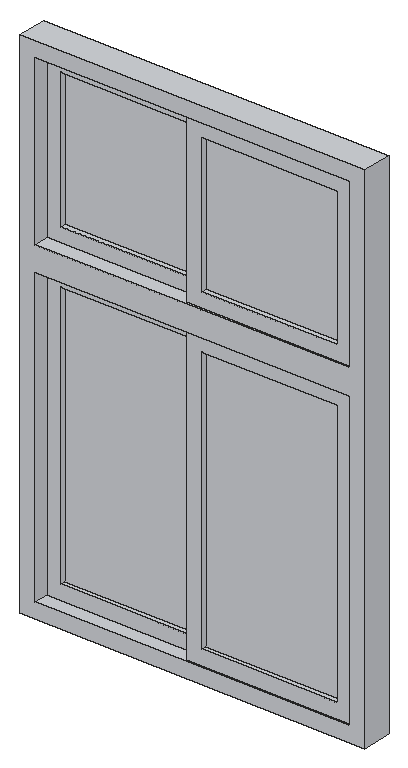
Revit family "雙開窗-含氣窗- (1)", category 窗, Revit 2014
Parameters (values of type "140 x 210 cm")
  Height = 2100 mm
  預設窗台高度 = 900 mm
  關鍵註記 = "雙開窗-有氣窗"
  解析營造 = "1/8 英吋 Pilkington 單層鑲嵌玻璃"
  Rough Height = Height  # 2100 mm
  Rough Width = Width  # 1400 mm
  熱阻 (R) = 0.1491 (m²·K)/W
  Solar Heat Gain Coefficient = 0.86
  外框_寬度 = 60 mm
  玻璃_材料 = none
  牆封閉 = 依主體
  外框_材料 = none
  外框_厚度 = 120 mm
  Width = 1400 mm
  操作 = "DoublePanelVertical"
  Visual Light Transmittance = 0.9
  內框_材料 = none
  內框_寬度 = 60 mm
  內框_厚度 = 50 mm
  傳熱係數 (U) = 6.7069 W/(m²·K)
  中樘_寬度 = 100 mm
  下窗_高度 = 1200 mm
Types (2, lengths in mm): name | Height | Rough Height | Rough Width | Width
  140 x 210 cm | 2100 | 2100 | 1400 | 1400
  120 x 180 cm | 1800 | 1800 | 1200 | 1200
Reference planes
  plane 1: y = -180
  plane 2 "中心 (左/右)": x = 0
  plane 3 "左": x = -700
  plane 4 "右": x = 700
  plane 5 "窗台": z = 900
  plane 6 "窗頂": z = 3000
  plane 7 "外部": y = -105
  plane 8 "內部": y = -255
  plane 9: x = -30
  plane 10: x = 30
  plane 11: y = -120
  plane 12: y = -240
  plane 13: x = -640
  plane 14: x = 640
  plane 15: z = 2940
  plane 16: z = 960
  plane 17: z = 2160
  plane 18: z = 2260
Forms (mm)
  Extrusion 1, solid, material <- "外框_材料"
    sketch origin (0, -180, 0) x (1, 0, 0) y (0, 0, 1)
      loop
        line (-700, 3000) -> (-700, 900) -> (700, 900) -> (700, 3000) -> (-700, 3000)
      loop
        line (-640, 2940) -> (-640, 2260) -> (640, 2260) -> (640, 2940) -> (-640, 2940)
      loop
        line (-640, 960) -> (640, 960) -> (640, 2160) -> (-640, 2160) -> (-640, 960)
    from 60 to -60
Lines and regions (mm)
  Opening 1
    outline origin (3442.648, -255, 0) x (1, 0, 0) y (0, 0, 1)
      loop
        line (-2742.648, 900) -> (-2742.648, 3000) -> (-4142.648, 3000) -> (-4142.648, 900) -> (-2742.648, 900)
Text (mm)
  text "外部" at (-1963.203, 1332.353, 0), in view "參考樓層"
  text "內部" at (-1981.466, -818.386, 0), in view "參考樓層"
  text "外部" at (0, 923.751, 2943.296), in view "右"
  text "外部" at (0, 1040.484, 2685.409), in view "左"
Dimensions and locks
  equal spacing: plane 3 "左", plane 2 "中心 (左/右)", plane 4 "右"
  "Width": plane 3 "左" to plane 4 "右"
  "Height": plane 5 "窗台" to plane 6 "窗頂"
  "預設窗台高度": plane 5 "窗台" to level
  locked: plane 7 "外部" to host wall at 0
  locked: plane 8 "內部" to host wall
  equal spacing: plane 9, plane 2 "中心 (左/右)", plane 10
  "內框_寬度": plane 9 to plane 10
  equal spacing: plane 11, plane 1, plane 12
  "外框_厚度": plane 11 to plane 12
  "外框_寬度": plane 6 "窗頂" to plane 15
  "外框_寬度": plane 16 to plane 5 "窗台"
  "外框_寬度": plane 3 "左" to plane 13
  "外框_寬度": plane 14 to plane 4 "右"
  "中樘_寬度": plane 17 to plane 18
  "下窗_高度": plane 16 to plane 17
  aligned and locked: plane 1 to nested 1
  aligned and locked: plane 1 to nested 2
  aligned and locked: nested 1 to plane 10
  aligned and locked: nested 2 to plane 9
  aligned and locked: plane 1 to host wall
  aligned and locked: host wall to Extrusion 1 sketch curve
  aligned and locked: Extrusion 1 sketch curve to host wall  (x3)
  aligned and locked: Opening 1 sketch curve to plane 6 "窗頂"
  aligned and locked: Opening 1 sketch curve to plane 4 "右"
  aligned and locked: Opening 1 sketch curve to plane 5 "窗台"
  aligned and locked: Opening 1 sketch curve to plane 3 "左"
  aligned and locked: Extrusion 1 sketch curve to plane 15
  aligned and locked: plane 13 to Extrusion 1 sketch curve
  aligned and locked: Extrusion 1 sketch curve to plane 14
  aligned and locked: plane 16 to Extrusion 1 sketch curve
  aligned and locked: plane 16 to nested 2
  aligned and locked: nested 1 to plane 16
  aligned and locked: nested 1 to plane 13
  aligned and locked: plane 14 to nested 2
  aligned and locked: plane 11 to Extrusion 1
  aligned and locked: Extrusion 1 to plane 12
  aligned and locked: plane 17 to Extrusion 1 sketch curve
  aligned and locked: plane 18 to Extrusion 1 sketch curve
  aligned and locked: nested 1 to plane 17
  aligned and locked: plane 17 to nested 2
  aligned and locked: nested 3 to plane 15
  aligned and locked: plane 15 to nested 4
  aligned and locked: nested 3 to plane 18
  aligned and locked: plane 18 to nested 4
  aligned and locked: nested 3 to plane 13
  aligned and locked: plane 14 to nested 4
  aligned and locked: nested 3 to plane 10
  aligned and locked: plane 9 to nested 4
Automatic sketch dimensions
  Extrusion 1 sketch curve to plane 14 = 0 mm
  Extrusion 1 sketch curve to plane 13 = 0 mm
Nested families
  nested 1: "窗框" at (-572.428, -1099.367, -40), type "窗框"
    with Height 1200 mm, Width 670 mm
  nested 2: "窗框" at (37.572, 739.367, -40), type "窗框"
    with Height 1200 mm, Width 670 mm
  nested 3: "窗框" at (-572.428, -1099.367, 1260), type "窗框"
    with Height 680 mm, Width 670 mm
  nested 4: "窗框" at (37.572, 739.367, 1260), type "窗框"
    with Height 680 mm, Width 670 mm
Definition of nested family "窗框"
  Parameters
    Height [instance] = 500 mm
    護桿_寬度 = 20 mm
    護桿_厚度 = 10 mm
    Rough Height = 500 mm
    Rough Width = 600 mm
    Width [instance] = 600 mm
    外框_材料 = none
    玻璃_材料 = none
    玻璃_厚度 = 10 mm
    外框_寬度 = 60 mm
    外框_厚度 = 50 mm
  Reference planes
    plane 1 "中心 (前/後)": y = -919.367
    plane 2: z = 0
    plane 3 "中心 (左/右)": x = 267.428
    plane 4 "玻璃-上": y = -939.367
    plane 5 "玻璃-下": y = -949.367
    plane 6: y = -969.367
    plane 7: x = -32.572
    plane 8: x = 567.428
    plane 9: x = 27.428
    plane 10: x = 507.428
    plane 11: z = 1440
    plane 12: z = 1500
    plane 13: z = 1060
    plane 14: z = 1000
    plane 15: y = -944.367
  Forms (mm)
    Extrusion 1, solid, material <- "玻璃_材料"
      sketch origin (-1499.274, -944.367, 1200) x (-1, 0, 0) y (0, 0, 1)
        loop
          line (-1526.702, 240) -> (-2006.702, 240) -> (-2006.702, -140) -> (-1526.702, -140) -> (-1526.702, 240)
      from -5 to 5
    Extrusion 2, solid, material <- "外框_材料"
      sketch origin (-1499.274, -944.367, 1200) x (-1, 0, 0) y (0, 0, 1)
        loop
          line (-1466.702, 300) -> (-2066.702, 300) -> (-2066.702, -200) -> (-1466.702, -200) -> (-1466.702, 300)
        loop
          line (-1526.702, 240) -> (-2006.702, 240) -> (-2006.702, -140) -> (-1526.702, -140) -> (-1526.702, 240)
      from -25 to 25
  Dimensions and locks
    equal spacing: plane 10, plane 3 "中心 (左/右)", plane 9
    "外框_寬度": plane 8 to plane 10
    "外框_寬度": plane 9 to plane 7
    "外框_寬度": plane 12 to plane 11
    "Width": plane 8 to plane 7
    "外框_寬度": plane 13 to plane 14
    "Height": plane 12 to plane 14
    plane 14 to level = 1000 mm
    equal spacing: plane 4 "玻璃-上", plane 15, plane 5 "玻璃-下"
    "玻璃_厚度": plane 4 "玻璃-上" to plane 5 "玻璃-下"
    equal spacing: plane 6, plane 15, plane 1 "中心 (前/後)"
    "外框_厚度": plane 6 to plane 1 "中心 (前/後)"
    aligned and locked: Extrusion 1 sketch curve to plane 11
    aligned and locked: plane 9 to Extrusion 1 sketch curve
    aligned and locked: Extrusion 1 sketch curve to plane 10
    aligned and locked: plane 13 to Extrusion 1 sketch curve
    aligned and locked: plane 7 to Extrusion 2 sketch curve
    aligned and locked: Extrusion 2 sketch curve to plane 12
    aligned and locked: Extrusion 2 sketch curve to plane 8
    aligned and locked: plane 9 to Extrusion 2 sketch curve
    aligned and locked: plane 13 to Extrusion 2 sketch curve
    aligned and locked: Extrusion 2 sketch curve to plane 10
    aligned and locked: Extrusion 2 sketch curve to plane 11
    aligned and locked: Extrusion 2 sketch curve to plane 14
    aligned and locked: plane 2 to level
    aligned and locked: plane 6 to Extrusion 2
    aligned and locked: plane 1 "中心 (前/後)" to Extrusion 2
    aligned and locked: plane 5 "玻璃-下" to Extrusion 1
    aligned and locked: plane 4 "玻璃-上" to Extrusion 1
